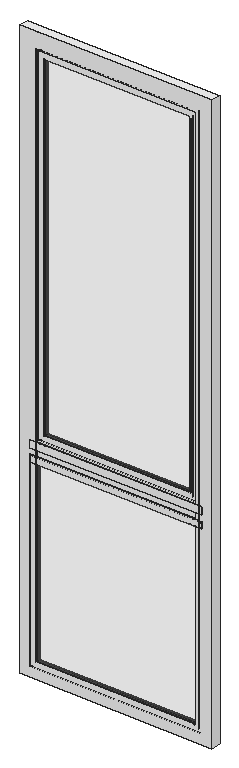
Revit family
Parameters (values of type "SH0618")
  Height = 1790 mm
  Head Height = 2125 mm
  Default Sill Height = Head Height - Height  # 335 mm
  Wall Closure = (empty or 0)
  Width = 590 mm
Types (3, lengths in mm): name | Height | Default Sill Height
  (no name) | 1790 | 335
  SH0615 | 1490 | 635
  SH0618 | 1790 | 335
Reference planes
  plane 1 "Center (Front/Back)": y = 0
  plane 2 "Center (Left/Right)": x = 0
  plane 3 "Left": x = -295
  plane 4 "Right": x = 295
  plane 5 "Sill": z = 335
  plane 6 "Head": z = 2125
  plane 7 "Exterior": y = 100
  plane 8 "Interior": y = -100
  plane 9: y = -30.5
  plane 10: x = 0
  plane 11: z = 1534.2
  plane 12: z = 960
Forms (mm)
  Sweep 1, solid, material "Default Frame"
    path origin (0, 100, 0) x (1, 0, 0) y (0, 0, 1)
      loop
        line (295, 2125) -> (-295, 2125) -> (-295, 335) -> (295, 335) -> (295, 2125)
    profile origin (0, 100, 2125) x (0, 0, -1) y (0, -1, 0)
      loop
        line (0, 115.25) -> (0, 84.75) -> (30.58, 84.75) -> (30.58, 87.464) -> (28.08, 86.021) -> (28.08, 113.85) -> (39.575, 113.85) -> (39.575, 111.85) -> (46.275, 111.85)
        arc (46.275, 111.85) -> (46.875, 111.25) -> (47.475, 111.85) r 0.6
        line (47.475, 111.85) -> (47.475, 115.25) -> (0, 115.25)
  Sweep 2, solid, material "Default Frame"
    path origin (0, 100, -1190) x (1, 0, 0) y (0, 0, 1)
      loop
        line (264.42, 2175) -> (-264.42, 2175)
    profile origin (0, 100, 985) x (0, 0, -1) y (0, -1, 0)
      loop
        line (-5.9, 115.25) -> (-5.9, 111.85)
        arc (-5.9, 111.85) -> (-5.3, 111.25) -> (-4.7, 111.85) r 0.6
        line (-4.7, 111.85) -> (2, 111.85) -> (2, 113.85) -> (13.5, 113.85) -> (13.5, 86.026) -> (11, 87.47) -> (11, 84.75) -> (39, 84.75) -> (39, 87.47) -> (36.5, 86.026) -> (36.5, 113.85) -> (48, 113.85) -> (48, 111.85) -> (54.7, 111.85)
        arc (54.7, 111.85) -> (55.3, 111.25) -> (55.9, 111.85) r 0.6
        line (55.9, 111.85) -> (55.9, 115.25) -> (34.5, 115.25) -> (34.5, 111.07) -> (15.5, 111.07) -> (15.5, 115.25) -> (-5.9, 115.25)
  Sweep 3, solid, material "Default Frame"
    path origin (-50, -100, -50) x (1, 0, 0) y (0, 0, -1)
      loop
        line (295, -2125) -> (295, -1043.36) -> (-195, -1043.36) -> (-195, -2125) -> (295, -2125)
    profile origin (0, -100, 2075) x (0, 0, 1) y (0, 1, 0)
      loop
        line (-2.36, 95.735) -> (-1.858, 90.997)
        arc (-1.858, 90.997) -> (-1.541, 90.736) -> (-1.26, 91.035) r 0.3
        line (-1.26, 91.035) -> (-1.26, 117.263) -> (-3.26, 116.536) -> (-3.26, 118.735) -> (-4.719, 118.735) -> (-17.687, 105.637) -> (-17.687, 104.637) -> (-5.88, 104.637) -> (-5.88, 105.637) -> (-2.36, 105.637) -> (-2.36, 95.735)
  Extrusion 4, solid, material "Glass"
    sketch origin (0, 0.5, 49.432) x (1, 0, 0) y (0, 0, 1)
      loop
        line (239.12, 2019.688) -> (-239.12, 2019.688) -> (-239.12, 949.808) -> (239.12, 949.808) -> (239.12, 2019.688)
    from 0 to 3
  Extrusion 5, solid, material "Glass"
    sketch origin (0, -3.513, -241.757) x (1, 0, 0) y (0, 0, 1)
      loop
        line (261.8, 1185.137) -> (-261.8, 1185.137) -> (-261.8, 609.957) -> (261.8, 609.957) -> (261.8, 1185.137)
    from 0 to 3
  Sweep 6, solid, material "Default Frame"
    path origin (-50, -100, -50) x (1, 0, 0) y (0, 0, -1)
      loop
        line (295, -2125) -> (295, -1043.4) -> (-195, -1043.4) -> (-195, -2125) -> (295, -2125)
    profile origin (0, -100, 2075) x (0, 0, 1) y (0, 1, 0)
      loop
        line (10.425, 88.75) -> (10.425, 91.464) -> (7.92, 90.018) -> (7.92, 117.85) -> (19.42, 117.85) -> (19.42, 115.85) -> (26.12, 115.85)
        arc (26.12, 115.85) -> (26.72, 115.25) -> (27.32, 115.85) r 0.6
        line (27.32, 115.85) -> (27.32, 119.25) -> (-3.26, 119.25) -> (-3.26, 116.536) -> (-0.76, 117.979) -> (-0.76, 90.15) -> (-12.255, 90.15) -> (-12.255, 92.15) -> (-18.955, 92.15)
        arc (-18.955, 92.15) -> (-19.555, 92.75) -> (-20.155, 92.15) r 0.6
        line (-20.155, 92.15) -> (-20.155, 88.75) -> (10.425, 88.75)
  Sweep 7, solid, material "Default Frame"
    path origin (-24.98, -100, -318.82) x (1, 0, 0) y (0, 0, -1)
      loop
        line (295, -1270.42) -> (295, -678.8) -> (-245.04, -678.8) -> (-245.04, -1270.42) -> (295, -1270.42)
    profile origin (0, -100, 951.6) x (0, 0, 1) y (0, 1, 0)
      loop
        line (-4.7, 91.735) -> (-4.198, 86.997)
        arc (-4.198, 86.997) -> (-3.881, 86.736) -> (-3.6, 87.035) r 0.3
        line (-3.6, 87.035) -> (-3.6, 113.263) -> (-5.6, 112.536) -> (-5.6, 114.735) -> (-7.059, 114.735) -> (-20.027, 101.637) -> (-20.027, 100.637) -> (-8.22, 100.637) -> (-8.22, 101.637) -> (-4.7, 101.637) -> (-4.7, 91.735)
  Sweep 8, solid, material "Rubber seal"
    path origin (-50, -100, -50) x (1, 0, 0) y (0, 0, -1)
      loop
        line (295, -2125) -> (295, -1043.36) -> (-195, -1043.36) -> (-195, -2125) -> (295, -2125)
    profile origin (0, -100, 2075) x (0, 0, 1) y (0, 1, 0)
      loop
        line (-18.698, 104.637) -> (-22.835, 100.5) -> (-12.329, 100.5) -> (-12.329, 104.637) -> (-18.698, 104.637)
      loop
        line (-22.835, 97.5) -> (-19.555, 92.75) -> (-12.329, 92.75) -> (-12.329, 97.5) -> (-22.835, 97.5)
  Sweep 9, solid, material "Rubber seal"
    path origin (-24.98, -100, -318.825) x (1, 0, 0) y (0, 0, -1)
      loop
        line (295, -1270.425) -> (295, -678.8) -> (-245.04, -678.8) -> (-245.04, -1270.425) -> (295, -1270.425)
    profile origin (0, -100, 951.6) x (0, 0, 1) y (0, 1, 0)
      loop
        line (-21.017, 100.637) -> (-25.125, 96.487) -> (-14.669, 96.487) -> (-14.669, 100.637) -> (-21.017, 100.637)
      loop
        line (-25.125, 93.487) -> (-21.9, 88.75) -> (-14.669, 88.75) -> (-14.669, 93.487) -> (-25.125, 93.487)
Lines and regions (mm)
  Opening 1
    outline origin (3500, -100, 0) x (1, 0, 0) y (0, 0, 1)
      loop
        line (-3205, 335) -> (-3205, 2125) -> (-3795, 2125) -> (-3795, 335) -> (-3205, 335)
  symbolic lines, style "Elevation Swing"
    curve 1: line (272.32, 19.25, 2102.32) -> (-272.32, 19.25, 1534.2)
    curve 2: line (-272.32, 19.25, 1534.2) -> (269.92, 19.25, 968.48)
Text (mm)
  text "EXTERIOR" at (-1963.203, 1332.353, 0), in view "Ref. Level"
  text "INTERIOR" at (-1981.466, -818.386, 0), in view "Ref. Level"
  text "Exterior" at (0, 923.751, 2943.296), in view "Right"
  text "Exterior" at (0, 1040.484, 2685.409), in view "Left"
Dimensions and locks
  equal spacing: plane 3 "Left", plane 2 "Center (Left/Right)", plane 4 "Right"
  "Width": plane 3 "Left" to plane 4 "Right"
  "Height": plane 5 "Sill" to plane 6 "Head"
  "Default Sill Height": plane 5 "Sill" to level
  locked: plane 7 "Exterior" to host wall at 0
  locked: plane 8 "Interior" to host wall
  Sweep 2 sketch curve to Sweep 1 = 1140 mm
  locked: Sweep 2 to Sweep 6 sketch curve at 19.4
  Sweep 2 to Sweep 7 sketch curve = 5.6 mm  (x2)
  Sweep 2 to Sweep 9 sketch curve = 5.6 mm
  Extrusion 4 sketch curve to Sweep 6 = 2.62 mm  (x3)
  Sweep 6 to Extrusion 4 sketch curve = 2.58 mm
  equal spacing: plane 3 "Left", plane 10, plane 4 "Right"
  equal spacing: Sweep 6, plane 11, Sweep 6
  plane 12 to Extrusion 5 = 16.62 mm
  Sweep 3 sketch curve to Sweep 6 = 3.3 mm
  Sweep 8 sketch curve to Sweep 6 = 3.3 mm
  Sweep 1 to Sweep 7 sketch curve = 5.6 mm
  Sweep 7 to Sweep 9 sketch curve = 5.6 mm
  Sweep 9 sketch curve to Sweep 7 = 5.6 mm
  aligned and locked: plane 11 to curve 1
Automatic sketch dimensions
  Opening 1 sketch curve to plane 3 "Left" = 0 mm
  Opening 1 sketch curve to plane 4 "Right" = 0 mm
  Opening 1 sketch curve to plane 5 "Sill" = 0 mm
  Opening 1 sketch curve to plane 6 "Head" = 0 mm
  Sweep 1 sketch curve to plane 3 "Left" = 0 mm
  Sweep 1 sketch curve to plane 4 "Right" = 0 mm
  Sweep 1 sketch curve to plane 5 "Sill" = 0 mm
  Sweep 1 sketch curve to plane 6 "Head" = 0 mm
  Sweep 1 sketch curve to profile plane = 0 mm
  Sweep 1 sketch curve to profile plane = 28.08 mm
  Sweep 1 sketch curve to Sweep 1 sketch curve = 2.5 mm
  Sweep 1 sketch curve to Sweep 1 sketch curve = 11.495 mm
  Sweep 1 sketch curve to Sweep 1 sketch curve = 6.7 mm
  Sweep 1 sketch curve to Sweep 1 sketch curve = 0.6 mm
  profile plane to Sweep 1 sketch curve = 84.75 mm
  Sweep 1 sketch curve to Sweep 1 sketch curve = 1.271 mm
  Sweep 1 sketch curve to Sweep 1 sketch curve = 2.714 mm
  Sweep 1 sketch curve to Sweep 1 sketch curve = 24.386 mm
  Sweep 1 sketch curve to Sweep 1 sketch curve = 2 mm
  Sweep 1 sketch curve to Sweep 1 sketch curve = 3.4 mm
  Sweep 2 sketch curve to plane 3 "Left" = 30.58 mm
  plane 4 "Right" to Sweep 2 sketch curve = 30.58 mm
  profile plane to Sweep 2 sketch curve = 5.9 mm
  Sweep 2 sketch curve to Sweep 2 sketch curve = 0.6 mm  (x2)
  Sweep 2 sketch curve to profile plane = 2 mm
  Sweep 2 sketch curve to profile plane = 11 mm
  Sweep 2 sketch curve to Sweep 2 sketch curve = 2 mm  (x4)
  Sweep 2 sketch curve to Sweep 2 sketch curve = 19 mm
  Sweep 2 sketch curve to Sweep 2 sketch curve = 2.5 mm  (x2)
  Sweep 2 sketch curve to Sweep 2 sketch curve = 6.7 mm
  profile plane to Sweep 2 sketch curve = 84.75 mm
  Sweep 2 sketch curve to Sweep 2 sketch curve = 1.276 mm  (x2)
  Sweep 2 sketch curve to Sweep 2 sketch curve = 2.72 mm  (x2)
  Sweep 2 sketch curve to Sweep 2 sketch curve = 0.78 mm  (x2)
  Sweep 2 sketch curve to Sweep 2 sketch curve = 1.4 mm
  Sweep 2 sketch curve to Sweep 2 sketch curve = 3.4 mm
  Sweep 3 sketch curve to plane 3 "Left" = 50 mm
  plane 4 "Right" to Sweep 3 sketch curve = 50 mm
  plane 6 "Head" to Sweep 3 sketch curve = 50 mm
  profile plane to Sweep 3 sketch curve = 17.687 mm
  profile plane to Sweep 3 sketch curve = 5.88 mm
  profile plane to Sweep 3 sketch curve = 4.719 mm
  Sweep 3 sketch curve to Sweep 3 sketch curve = 1.459 mm
  profile plane to Sweep 3 sketch curve = 2.36 mm
  profile plane to Sweep 3 sketch curve = 1.858 mm
  Sweep 3 sketch curve to Sweep 3 sketch curve = 0.298 mm
  Sweep 3 sketch curve to Sweep 3 sketch curve = 0.3 mm
  profile plane to Sweep 3 sketch curve = 90.997 mm
  Sweep 3 sketch curve to Sweep 3 sketch curve = 4.738 mm
  Sweep 3 sketch curve to Sweep 3 sketch curve = 8.902 mm
  Sweep 3 sketch curve to Sweep 3 sketch curve = 1 mm  (x2)
  Sweep 3 sketch curve to Sweep 3 sketch curve = 10.899 mm
  Sweep 3 sketch curve to Sweep 3 sketch curve = 0.728 mm
  Sweep 3 sketch curve to Sweep 3 sketch curve = 2.2 mm
  Extrusion 5 sketch curve to plane 3 "Left" = 33.2 mm
  plane 4 "Right" to Extrusion 5 sketch curve = 33.2 mm
  Extrusion 5 sketch curve to plane 5 "Sill" = 33.2 mm
  Extrusion 5 sketch curve to plane 12 = 16.62 mm
  Sweep 6 sketch curve to plane 3 "Left" = 50 mm
  plane 4 "Right" to Sweep 6 sketch curve = 50 mm
  plane 6 "Head" to Sweep 6 sketch curve = 50 mm
  profile plane to Sweep 6 sketch curve = 20.155 mm
  Sweep 6 sketch curve to Sweep 6 sketch curve = 0.6 mm  (x2)
  Sweep 6 sketch curve to Sweep 6 sketch curve = 6.7 mm  (x2)
  profile plane to Sweep 6 sketch curve = 3.26 mm
  profile plane to Sweep 6 sketch curve = 0.76 mm
  Sweep 6 sketch curve to profile plane = 7.92 mm
  Sweep 6 sketch curve to Sweep 6 sketch curve = 2.505 mm
  Sweep 6 sketch curve to Sweep 6 sketch curve = 11.5 mm
  profile plane to Sweep 6 sketch curve = 88.75 mm
  Sweep 6 sketch curve to Sweep 6 sketch curve = 1.268 mm
  Sweep 6 sketch curve to Sweep 6 sketch curve = 1.4 mm
  Sweep 6 sketch curve to Sweep 6 sketch curve = 2.714 mm  (x2)
  Sweep 6 sketch curve to Sweep 6 sketch curve = 3.4 mm
  Sweep 6 sketch curve to Sweep 6 sketch curve = 24.386 mm
  Sweep 6 sketch curve to Sweep 6 sketch curve = 0.686 mm
  Sweep 6 sketch curve to Sweep 6 sketch curve = 2 mm
  Sweep 6 sketch curve to Sweep 6 sketch curve = 1.443 mm
  plane 4 "Right" to Sweep 7 sketch curve = 24.98 mm
  Sweep 7 sketch curve to plane 5 "Sill" = 24.98 mm
  Sweep 8 sketch curve to plane 3 "Left" = 50 mm
  plane 4 "Right" to Sweep 8 sketch curve = 50 mm
  plane 6 "Head" to Sweep 8 sketch curve = 50 mm
  profile plane to Sweep 8 sketch curve = 22.835 mm
  Sweep 8 sketch curve to Sweep 8 sketch curve = 0 mm
  Sweep 8 sketch curve to Sweep 8 sketch curve = 3.28 mm
  Sweep 8 sketch curve to Sweep 8 sketch curve = 4.137 mm  (x2)
  Sweep 8 sketch curve to Sweep 8 sketch curve = 6.37 mm
  Sweep 8 sketch curve to Sweep 8 sketch curve = 7.226 mm
  profile plane to Sweep 8 sketch curve = 92.75 mm
  Sweep 8 sketch curve to Sweep 8 sketch curve = 4.75 mm
  Sweep 8 sketch curve to Sweep 8 sketch curve = 3 mm
  plane 4 "Right" to Sweep 9 sketch curve = 24.98 mm
  Sweep 9 sketch curve to plane 5 "Sill" = 24.975 mm
  curve 1 to Sweep 6 = 0 mm  (x2)
  curve 2 to Sweep 6 = 0 mm
  Sweep 6 to curve 2 = 2.4 mm  (x2)
  Sweep 2 sketch curve to Sweep 2 sketch curve = 26.38 mm
  Sweep 2 sketch curve to Sweep 2 sketch curve = 11.5 mm
  profile plane to Sweep 7 sketch curve = 8.22 mm
  profile plane to Sweep 7 sketch curve = 7.059 mm
  Sweep 7 sketch curve to Sweep 7 sketch curve = 1.459 mm
  Sweep 7 sketch curve to Sweep 7 sketch curve = 3.52 mm
  profile plane to Sweep 7 sketch curve = 4.198 mm
  Sweep 7 sketch curve to Sweep 7 sketch curve = 0.298 mm
  Sweep 7 sketch curve to Sweep 7 sketch curve = 0.3 mm
  profile plane to Sweep 7 sketch curve = 86.997 mm
  Sweep 7 sketch curve to Sweep 7 sketch curve = 4.738 mm
  Sweep 7 sketch curve to Sweep 7 sketch curve = 8.902 mm
  Sweep 7 sketch curve to Sweep 7 sketch curve = 1 mm  (x2)
  Sweep 7 sketch curve to Sweep 7 sketch curve = 10.899 mm
  Sweep 7 sketch curve to Sweep 7 sketch curve = 0.728 mm
  Sweep 7 sketch curve to Sweep 7 sketch curve = 2.2 mm
  Sweep 7 sketch curve to Sweep 7 sketch curve = 11.806 mm
  profile plane to Sweep 9 sketch curve = 25.125 mm
  Sweep 9 sketch curve to Sweep 9 sketch curve = 0 mm
  Sweep 9 sketch curve to Sweep 9 sketch curve = 3.225 mm
  Sweep 9 sketch curve to Sweep 9 sketch curve = 4.109 mm
  Sweep 9 sketch curve to Sweep 9 sketch curve = 6.348 mm
  Sweep 9 sketch curve to Sweep 9 sketch curve = 7.231 mm
  profile plane to Sweep 9 sketch curve = 88.75 mm
  Sweep 9 sketch curve to Sweep 9 sketch curve = 4.737 mm
  Sweep 9 sketch curve to Sweep 9 sketch curve = 3 mm
  Sweep 9 sketch curve to Sweep 9 sketch curve = 4.15 mm
